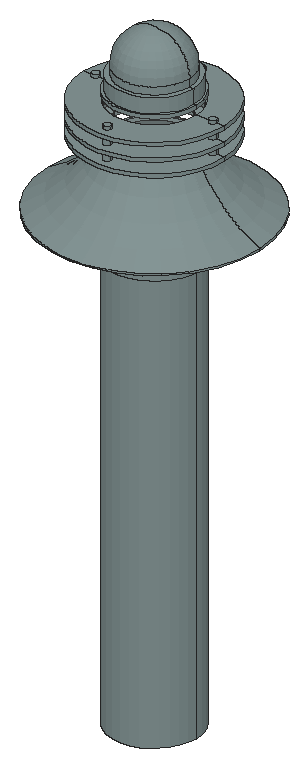
Revit family "UCB", category Lighting Fixtures, host Face, Revit 2021
Family settings
  Host = Face
  Round Connector Dimension = Use Diameter
  Part Type = Normal
  OmniClass Number = 23.80.70.14
  OmniClass Title = Luminaries for External Lighting
  Cut with Voids When Loaded = No
  Light Source = No
  Shared = No
  Room Calculation Point = No
Parameters (values of type "UCB- ATG")
  Wattage Comments = "32W"
  Voltage [instance] = if(Is 120V, 120 V, 270 V)  # 120 V
  URL = "https://www.currentlighting.com/aal"
  Product Page URL = ""
  Product Documentation Link = ""
  Photometric Web [instance] = Web UCB : UCB
  Model = "UCB – Universe Bollard"  # constant formula
  Manufacturer = "Architectural Area Lighting"  # constant formula
  Load Classification = Lighting
  Light Bulb Material = Glass-Frosted
  Lamp = "LED"
  Is 270V [instance] = not(Is 120V)  # no
  Is 120V [instance] = yes
  Hood STR [instance] = not(Hood FLR)  # no
  Hood FLR [instance] = yes
  Finish = Aluminum-Antique Green
  Description = "The Universe Collection® is a complete family of customizable decorative luminaries that transcend architectural styles past and present."  # constant formula
  Default Elevation = 48.000"
  Apparent Load = 32 VA
Types (14): name | Voltage | Photometric Web | Is 270V | Is 120V | Hood STR | Hood FLR | Finish
  (no name) | 120 V | Web UCB : UCB | no | yes | no | yes | Aluminum-Antique Green
  UCB- ATG | 120 V | Web UCB : UCB | no | yes | no | yes | Aluminum-Antique Green
  UCB- AWT | 270 V | Web UCB : UCB-VSL | yes | no | yes | no | Aluminum-Artic White
  UCB- BLK | 270 V | Web UCB : UCB-VSL | yes | no | yes | no | Aluminum-Black
  UCB- MTB | 270 V | Web UCB : UCB-VSL | yes | no | yes | no | Aluminum-Matte Black
  UCB- DGN | 270 V | Web UCB : UCB-VSL | yes | no | yes | no | Aluminum-Dark Green
  UCB- DBZ | 270 V | Web UCB : UCB-VSL | yes | no | yes | no | Aluminum-Dark Bronze
  UCB- WRZ | 270 V | Web UCB : UCB | yes | no | yes | no | Aluminum-Weathered Bronze
  UCB- BRM | 270 V | Web UCB : UCB-VSL | yes | no | yes | no | Aluminum-Metalic Bronze
  UCB- VBL | 270 V | Web UCB : UCB-VSL | yes | no | yes | no | Aluminum-Verde Blue
  UCB- CRT | 270 V | Web UCB : UCB-VSL | yes | no | yes | no | Aluminum-Corten
  UCB- MAL | 270 V | Web UCB : UCB-VSL | yes | no | no | yes | Aluminum-Matte
  UCB- MDG | 270 V | Web UCB : UCB-VSL | yes | no | yes | no | Aluminum-Medium Grey
  UCB- LGY | 270 V | Web UCB : UCB-VSL | yes | no | yes | no | Aluminum-Light Grey
Reference planes (in)
  plane 1 "Center (Front/Back)": y = 0.03999
  plane 2: z = 0
  plane 3 "Center (Left/Right)": x = 0.00649
Dimensions and locks (in)
  host sketch curve to plane 1 "Center (Front/Back)" to host sketch curve = 48.03999", 47.96001"
  host sketch curve to plane 3 "Center (Left/Right)" to host sketch curve = 48.00649", 47.99351"
  aligned and locked: plane 2 to host face
  aligned and locked: level to host face
  aligned and locked: plane 3 "Center (Left/Right)" to nested 1
  aligned and locked: plane 1 "Center (Front/Back)" to nested 1
  aligned and locked: nested 2 to plane 3 "Center (Left/Right)"
  aligned and locked: nested 2 to plane 1 "Center (Front/Back)"
Nested families (in)
  nested 1: "UCB  Retrofit" at (0, 0, 0), visible <- "Hood FLR", Light Bulb Material <- "Light Bulb Material", Finish <- "Finish", Hood STR <- "Hood STR", Hood FLR <- "Hood FLR", type "UCB  Retrofit"
    with Light Bulb Material Glass-Frosted, Hood STR no, Hood FLR yes, Finish Aluminum-Antique Green
  nested 2: "Web UCB" at (-0.0335, 0.27895, 39.60791) x (0, 1, 0) z (0, 0, -1), type <- "Photometric Web", type "UCB"
Connectors (in)
  electrical at (0.00649, 0.03999, 0), driven by "Voltage", driven by "Apparent Load", driven by "Load Classification"
    settings: on nested 1, index 1, voltage 120 V, apparent load 32 VA, apparent load phase1 0 VA, apparent load phase2 0 VA, apparent load phase3 0 VA, power factor 1, load classification "Lighting", number of poles 1, system type 30, power factor state 1, is connector primary yes, connector utility no, sub classification motor no, connector description "Electrical Connector"
Definition of nested family "UCB  Retrofit"
  Parameters
    Wattage Comments = ""
    Voltage = 120 V
    URL = ""
    Product Page URL = ""
    Product Documentation Link = ""
    Model = ""
    Manufacturer Phone = ""  # constant formula
    Manufacturer Fax = ""  # constant formula
    Manufacturer = ""  # constant formula
    Light Bulb Material [instance] = none
    Lamp = "LED Lamp"
    Hood STR [instance] = yes
    Hood FLR [instance] = yes
    Finish [instance] = none
    Description = ""
    Default Elevation = 48.000"
    Apparent Load = 0 VA
  Reference planes (in)
    plane 1 "Center (Front/Back)": y = 0.03999
    plane 2: z = 0
    plane 3 "Center (Left/Right)": x = 0.00649
    plane 4: x = -2.99351
    plane 5: x = 3.00649
    plane 6: x = 7.50649
    plane 7: x = -7.49351
    plane 8: z = 42
    plane 9: z = 30
    plane 10: z = 44.5
  Forms (in)
    Extrusion 1, solid
      sketch origin (0, 0, 0.06357) x (1, 0, 0) y (0, 1, 0)
        loop
          line (-48, 48) -> (-48, -48) -> (48, -48) -> (48, 48) -> (-48, 48)
      from -0.06357 to -6.06357
    Revolve 2, solid, material <- "Finish"
      sketch origin (0, 0.03999, 0) x (1, 0, 0) y (0, 0, 1)
        loop
          line (0.00649, 0) -> (3.00649, 0) -> (3.00649, 30) -> (3.25649, 30) -> (3.25649, 31.5) -> (3.00649, 31.5) -> (3.00649, 31.75) -> (0.00649, 31.75) -> (0.00649, 0)
        loop
          line (2.50487, 41.50001) -> (2.50487, 42.00162)
          arc (2.50487, 42.00162) -> (1.77311, 43.76824) -> (0.00649, 44.5) r 2.49838
          line (0.00649, 44.5) -> (0.00649, 40.25001) -> (3.00649, 40.25001) -> (3.00649, 40.50001) -> (2.84072, 40.50001) -> (2.84072, 41.50001) -> (2.50487, 41.50001)
        axis (0.00649, 44.5) -> (0.00649, 0)
      angle from 0 to 360
    Extrusion 3, solid, material <- "Light Bulb Material"
      sketch origin (0.00649, 0.03999, 31.75) x (1, 0, 0) y (0, 1, 0)
        loop
          circle (0, 0) r 2.9
        loop
          circle (0, 0) r 2.83423
      from 0 to 8.50001
    Revolve 4, solid, material <- "Finish", visible <- "Hood STR"
      sketch origin (0, 0.03999, -0.5) x (1, 0, 0) y (0, 0, 1)
        loop
          line (3.17212, 37.55298) -> (3.00649, 37.55298) -> (3.00649, 37.30298) -> (3.22381, 37.30298) -> (7.50649, 33.52669) -> (7.50649, 33.71722) -> (3.17212, 37.55298)
        axis (0.00649, 33.52669) -> (0.00649, 37.55298)
      angle from 0 to 360
    Revolve 5, solid, material <- "Finish", visible <- "Hood FLR"
      sketch origin (0, 0.03999, -0.5) x (1, 0, 0) y (0, 0, 1)
        loop
          line (3.00649, 37.55298) -> (3.00649, 37.30298) -> (3.19058, 37.30298)
          arc (3.19058, 37.30298) -> (5.0207, 34.93033) -> (7.50649, 33.25709) r 9.36578
          line (7.50649, 33.25709) -> (7.50649, 33.36732)
          arc (7.50649, 33.36732) -> (4.98956, 35.09798) -> (3.17212, 37.55298) r 9.26578
          line (3.17212, 37.55298) -> (3.00649, 37.55298)
        axis (0.00649, 37.55298) -> (0.00649, 33.25709)
      angle from 0 to 360
    Revolve 6, solid, material <- "Finish"
      sketch origin (0, 0.03999, 0) x (1, 0, 0) y (0, 0, 1)
        loop
          line (3.00649, 39.85791) -> (3.00649, 39.60791) -> (5.00649, 39.60791) -> (5.00649, 39.85791) -> (3.00649, 39.85791)
        loop
          line (3.00649, 38.85791) -> (3.00649, 38.60791) -> (5.00649, 38.60791) -> (5.00649, 38.85791) -> (3.00649, 38.85791)
        loop
          line (3.00649, 37.85791) -> (3.00649, 37.60791) -> (5.00649, 37.60791) -> (5.00649, 37.85791) -> (3.00649, 37.85791)
        axis (0.00649, 37.60791) -> (0.00649, 39.85791)
      angle from 0 to 360
    Extrusion 7, solid, material <- "Finish"
      sketch origin (0.00649, 0.03999, 37.60791) x (1, 0, 0) y (0, -1, 0)
        loop
          circle (-4.19066, 0) r 0.25
        loop
          circle (4.19066, 0) r 0.25
        loop
          circle (0, -4.19066) r 0.25
        loop
          circle (0, 4.19066) r 0.25
      from 0 to -2.41056
  Cuts and joins
    joined: Revolve 6, Extrusion 7
  Dimensions and locks (in)
    Extrusion 1 sketch curve to plane 1 "Center (Front/Back)" to Extrusion 1 sketch curve = 48.03999", 47.96001"
    Extrusion 1 sketch curve to plane 3 "Center (Left/Right)" to Extrusion 1 sketch curve = 48.00649", 47.99351"
    equal spacing: plane 5, plane 3 "Center (Left/Right)", plane 4
    locked: plane 5 to plane 4 at 6
    equal spacing: plane 6, plane 3 "Center (Left/Right)", plane 7
    plane 6 to plane 7 = 15.000"
    plane 10 to Extrusion 1 = 44.500"
    plane 8 to plane 9 to Extrusion 1 = 12.000", 30.000"
    aligned and locked: plane 2 to Extrusion 1
    aligned and locked: level to Extrusion 1
    aligned and locked: Revolve 2 sketch curve to plane 3 "Center (Left/Right)"
    aligned and locked: Extrusion 3 sketch curve to Revolve 2
    aligned and locked: plane 3 "Center (Left/Right)" to Revolve 4 sketch curve
    aligned and locked: Revolve 5 sketch curve to plane 3 "Center (Left/Right)"
    aligned and locked: plane 3 "Center (Left/Right)" to Revolve 6 sketch curve
  Automatic sketch dimensions
    Revolve 2 sketch curve to plane 3 "Center (Left/Right)" = 0.000"  (x2)
    plane 5 to Revolve 2 sketch curve = 0.000"  (x3)
    Revolve 2 sketch curve to level = 0.000"
    Revolve 2 sketch curve to plane 9 = 0.000"
    plane 5 to Revolve 2 sketch curve = 0.50162"
    plane 5 to Revolve 2 sketch curve = 0.16577"
    Revolve 2 sketch curve to Revolve 2 sketch curve = 0.250"  (x3)
    Revolve 2 sketch curve to level = 1.250"
    Revolve 2 sketch curve to Revolve 2 sketch curve = 22.500"
    Revolve 2 sketch curve to Revolve 2 sketch curve = 1.500"
    Revolve 2 sketch curve to Revolve 2 sketch curve = 8.50001"
    Revolve 2 sketch curve to Revolve 2 sketch curve = 1.000"
    Revolve 2 sketch curve to Revolve 2 sketch curve = 0.50161"
    plane 5 to Revolve 4 sketch curve = 0.000"
    plane 6 to Revolve 4 sketch curve = 0.000"
    Revolve 4 sketch curve to Revolve 4 sketch curve = 0.21732"
    Revolve 4 sketch curve to plane 5 = 0.16563"
    plane 9 to Revolve 4 sketch curve = 3.02669"
    Revolve 4 sketch curve to Revolve 4 sketch curve = 0.19053"
    Revolve 4 sketch curve to plane 8 = 5.19702"
    Revolve 4 sketch curve to Revolve 4 sketch curve = 0.250"
    plane 8 to Revolve 4 sketch curve = 2.000"
    Revolve 4 sketch curve to Revolve 4 sketch curve = 5.250"
    Revolve 5 sketch curve to Revolve 5 sketch curve = 0.000"  (x2)
    plane 5 to Revolve 5 sketch curve = 0.000"
    plane 6 to Revolve 5 sketch curve = 0.000"
    Revolve 5 sketch curve to plane 5 = 0.16563"
    Revolve 5 sketch curve to plane 5 = 0.18409"
    Revolve 5 sketch curve to plane 8 = 0.73677"
    Revolve 5 sketch curve to plane 6 = 3.91963"
    Revolve 5 sketch curve to plane 8 = 4.94702"
    Revolve 5 sketch curve to Revolve 5 sketch curve = 0.250"
    plane 8 to Revolve 5 sketch curve = 5.55298"
    Revolve 5 sketch curve to Revolve 5 sketch curve = 8.000"
    plane 5 to Revolve 6 sketch curve = 0.000"  (x3)
    Revolve 6 sketch curve to Revolve 6 sketch curve = 2.000"
    Revolve 6 sketch curve to Revolve 6 sketch curve = 0.000"  (x2)
    Revolve 6 sketch curve to plane 8 = 4.39209"
    Revolve 6 sketch curve to Revolve 6 sketch curve = 0.250"  (x3)
    Revolve 6 sketch curve to Revolve 6 sketch curve = 0.750"  (x2)
    plane 10 to Revolve 6 sketch curve = 4.10791"
    Revolve 6 sketch curve to Revolve 6 sketch curve = 7.500"
    Extrusion 7 sketch curve to Revolve 6 = 0.000"  (x2)
    Extrusion 7 sketch curve to Extrusion 7 sketch curve = 4.19066"  (x3)
    Extrusion 7 sketch curve to Revolve 6 = 4.19066"
    Revolve 6 to Extrusion 7 sketch curve = 4.19066"
    radius of Extrusion 3 sketch curve to Revolve 2 = 0.100"
    radius of Extrusion 7 sketch curve = 0.250"  (x4)
Definition of nested family "Web UCB"
  Parameters
    Wattage Comments = ""
    Wattage = 32 W
    built-in parameter 1150110 = 1 (stored number, unit not read)
    URL = ""
    built-in parameter 1114217 = 1 (stored number, unit not read)
    Tilt Angle = -90.00°
    built-in parameter 1150109 = 1 (stored number, unit not read)
    built-in parameter 1150134 = (empty or 0)
    built-in parameter 1150113 = 1 (stored number, unit not read)
    Product Page URL = ""
    Product Documentation Link = ""
    Photometric Web File = "UCB-FLR-12LED-BW.IES"
    Model = ""
    Manufacturer Phone = ""
    Manufacturer Fax = ""
    Manufacturer = ""
    built-in parameter 1150105 = 206.9 (stored number, unit not read)
    Lumens = 2600 lm
    built-in parameter 1150115 = 1 (stored number, unit not read)
    built-in parameter 1150137 = (empty or 0)
    built-in parameter 1150139 = (empty or 0)
    built-in parameter 1150112 = 1 (stored number, unit not read)
    built-in parameter 1150114 = 1 (stored number, unit not read)
    Lamp = ""
    built-in parameter 1150132 = 1
    built-in parameter 1150102 = (empty or 0)
    built-in parameter 1150107 = 3000 (stored number, unit not read)
    built-in parameter 1150138 = (empty or 0)
    built-in parameter 1150106 = 2.069 (stored number, unit not read)
    Emit from Circle Diameter = 5.000"
    Emit Shape Visible in Rendering = no
    built-in parameter 1150104 = 7.5484 (stored number, unit not read)
    Dimming Lamp Color Temperature Shift = (empty or 0)
    Description = ""
    Default Elevation = 48.000"
    Color Filter = 16777215
    built-in parameter 1114218 = 1 (stored number, unit not read)
    built-in parameter 1150133 = 10 (stored number, unit not read)
  Reference planes (in)
    plane 1 "Center (Front/Back)": y = 0.03999
    plane 2: z = 0
    plane 3 "Center (Left/Right)": x = -0.23896
  Forms (in)
    Extrusion 1, solid
      sketch origin (0, 0, 0.06357) x (1, 0, 0) y (0, 1, 0)
        loop
          line (-48, 48) -> (-48, -48) -> (48, -48) -> (48, 48) -> (-48, 48)
      from -0.06357 to -6.06357
  Lines and regions (in)
    reference lines
      curve 1: line (-0.23896, 0.03999, 18.11448) -> (-0.23896, 0.03999, -22.88552)
      curve 2: line (-0.23896, 0.03999, 34) -> (-0.23896, 0.03999, -22.88552)
      curve 3: line (-0.23896, 29.03999, 0) -> (-0.23896, -29.96001, 0)
      curve 4: line (-37.23896, 0.03999, 0) -> (40.76104, 0.03999, 0)
  Dimensions and locks (in)
    aligned and locked: plane 2 to Extrusion 1
    aligned and locked: level to Extrusion 1
    aligned and locked: plane 3 "Center (Left/Right)" to imposter light
    aligned and locked: imposter light to plane 1 "Center (Front/Back)"
    aligned and locked: curve 1 to plane 3 "Center (Left/Right)"
    aligned and locked: plane 1 "Center (Front/Back)" to curve 2
    aligned and locked: curve 3 to plane 3 "Center (Left/Right)"
    aligned and locked: plane 1 "Center (Front/Back)" to curve 4
